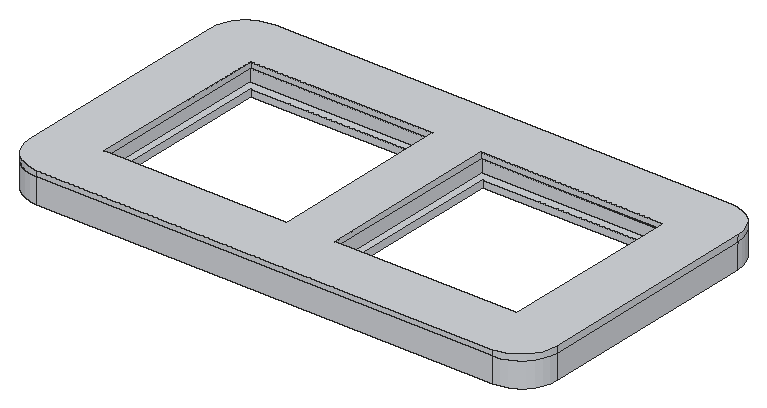
Revit family "Gira_0212417", category Electrical Fixtures, host Face, Revit 2017
Family settings
  Host = Face
  Maintain Annotation Orientation = No
  Round Connector Dimension = Use Diameter
  Part Type = Normal
  Cut with Voids When Loaded = No
  Shared = No
  Room Calculation Point = No
Parameters (values of type "Abdeckrahmen 2f Gira E3 Sand/Reinweiß")
  Werkstoffgüte = "sonstige"
  Werkstoff = "sonstige"
  URL = "http://katalog.gira.de/de_DE/datenblatt.html?artikelnr=0212417"
  Transparent = "No"
  Textfeld/Beschriftungsfläche = "No"
  Schutzart (IP) = "IP20"
  Region = "DE"
  Oberfläche = "sonstige"
  Name = "Abdeckrahmen 2f Gira E3 Sand/Reinweiß"
  Montagerichtung = "horizontal und vertikal"
  Mit Montagerahmen = "No"
  Mit Klappdeckel = "No"
  Manufacturer URL = "https://www.gira.de/"
  Keynote = "E3_Rahmen_2fach"
  HeinzeBIM = "https://bimportal.heinze.de/bim/abdeckrahmen-2f-gira-e3-sand-reinweiss/79fbe0c11e8f8adfc88dec1631baf0b73e940c21"
  Halogenfrei = "Yes"
  HAN = "0212417"
  Geeignet für Unterputz-Installation = "Yes"
  Geeignet für Unterflurkanaldose = "No"
  Geeignet für Geräteeinbaukanal = "No"
  Geeignet für Einbauinstallation = "No"
  GTIN = "4010337024521"
  Farbe = "sonstige"
  Default Elevation = 1219.2 mm
  Data sheet (1) = "https://katalog.gira.de/de_DE/download.html?artikelnr=0212417"
  Category = "Abdeckrahmen"
  Befestigungsart = "Klemmbefestigung"
  Available = "Yes"
  Anzahl der Einheiten vertikal = "2 "
  Anzahl der Einheiten horizontal = "2 "
  Anzahl der Einheiten = "2 "
Reference planes
  plane 1 "Center (Front/Back)": y = 0
  plane 2: z = 0
  plane 3 "Center (Left/Right)": x = 0
Forms (mm)
  Extrusion 1, solid, detail levels fine
    sketch origin (0, 0, 0) x (1, 0, 0) y (0, 1, 0)
      loop
        arc (-70.35, 45.809) -> (-78.134, 42.585) -> (-81.359, 34.8) r 11.009
        line (-81.359, 34.8) -> (-81.359, -34.8)
        arc (-81.359, -34.8) -> (-78.134, -42.585) -> (-70.35, -45.809) r 11.009
        line (-70.35, -45.809) -> (70.35, -45.809)
        arc (70.35, -45.809) -> (78.135, -42.585) -> (81.359, -34.8) r 11.009
        line (81.359, -34.8) -> (81.359, 34.8)
        arc (81.359, 34.8) -> (78.135, 42.585) -> (70.35, 45.809) r 11.009
        line (70.35, 45.809) -> (-70.35, 45.809)
      loop
        line (-7.45, 28.187) -> (-63.706, 28.187) -> (-63.706, -28.187) -> (-7.45, -28.187) -> (-7.45, 28.187)
      loop
        line (7.45, 28.187) -> (7.45, -28.187) -> (63.706, -28.187) -> (63.706, 28.187) -> (7.45, 28.187)
    from 7.65 to 9.5
  Extrusion 2, solid, detail levels fine
    sketch origin (-35.75, 0, 0) x (1, 0, 0) y (0, 1, 0)
      loop
        line (25.7, 25.7) -> (-25.7, 25.7) -> (-25.7, -25.7) -> (25.7, -25.7) -> (25.7, 25.7)
      loop
        line (-28.187, -28.156) -> (28.187, -28.156) -> (28.187, 28.156) -> (-28.187, 28.156) -> (-28.187, -28.156)
    from 1.65 to 3.9
  Extrusion 3, solid, detail levels fine
    sketch origin (0, 0, 0) x (1, 0, 0) y (0, 1, 0)
      loop
        arc (-70.35, 45.809) -> (-78.134, 42.585) -> (-81.359, 34.8) r 11.009
        line (-81.359, 34.8) -> (-81.359, -34.8)
        arc (-81.359, -34.8) -> (-78.134, -42.585) -> (-70.35, -45.809) r 11.009
        line (-70.35, -45.809) -> (70.35, -45.809)
        arc (70.35, -45.809) -> (78.135, -42.585) -> (81.359, -34.8) r 11.009
        line (81.359, -34.8) -> (81.359, 34.8)
        arc (81.359, 34.8) -> (78.135, 42.585) -> (70.35, 45.809) r 11.009
        line (70.35, 45.809) -> (-70.35, 45.809)
      loop
        line (-79.393, 34.785) -> (-79.393, -34.785)
        arc (-79.393, -34.785) -> (-76.739, -41.19) -> (-70.334, -43.843) r 9.058
        line (-70.334, -43.843) -> (70.335, -43.843)
        arc (70.335, -43.843) -> (76.74, -41.19) -> (79.393, -34.785) r 9.058
        line (79.393, -34.785) -> (79.393, 34.785)
        arc (79.393, 34.785) -> (76.74, 41.19) -> (70.335, 43.843) r 9.058
        line (70.335, 43.843) -> (-70.334, 43.843)
        arc (-70.334, 43.843) -> (-76.739, 41.19) -> (-79.393, 34.785) r 9.058
    from 0 to 7.65
  Extrusion 4, solid, detail levels fine
    sketch origin (0, 0, 0) x (1, 0, 0) y (0, 1, 0)
      loop
        line (-62.956, -31.075) -> (62.956, -31.075)
        arc (62.956, -31.075) -> (65.599, -29.98) -> (66.694, -27.337) r 3.739
        line (66.694, -27.337) -> (66.694, 27.337)
        arc (66.694, 27.337) -> (65.599, 29.98) -> (62.956, 31.075) r 3.739
        line (62.956, 31.075) -> (-62.956, 31.075)
        arc (-62.956, 31.075) -> (-65.599, 29.98) -> (-66.694, 27.337) r 3.739
        line (-66.694, 27.337) -> (-66.694, -27.337)
        arc (-66.694, -27.337) -> (-65.599, -29.98) -> (-62.956, -31.075) r 3.739
      loop
        line (-65.544, 27.537) -> (-65.544, -27.537)
        arc (-65.544, -27.537) -> (-64.845, -29.226) -> (-63.156, -29.925) r 2.389
        line (-63.156, -29.925) -> (63.156, -29.925)
        arc (63.156, -29.925) -> (64.845, -29.226) -> (65.544, -27.537) r 2.389
        line (65.544, -27.537) -> (65.544, 27.537)
        arc (65.544, 27.537) -> (64.845, 29.226) -> (63.156, 29.925) r 2.389
        line (63.156, 29.925) -> (-63.156, 29.925)
        arc (-63.156, 29.925) -> (-64.845, 29.226) -> (-65.544, 27.537) r 2.389
    from 1.65 to 7.65
  Extrusion 5, solid, detail levels fine
    sketch origin (0, 0, 0) x (1, 0, 0) y (0, 1, 0)
      loop
        line (-67.617, -39.8) -> (67.617, -39.8)
        arc (67.617, -39.8) -> (73.232, -36.708) -> (75.464, -30.7) r 9.2
        line (75.464, -30.7) -> (75.464, 30.7)
        arc (75.464, 30.7) -> (72.77, 37.205) -> (66.264, 39.9) r 9.2
        line (66.264, 39.9) -> (-66.264, 39.9)
        arc (-66.264, 39.9) -> (-72.77, 37.205) -> (-75.464, 30.7) r 9.2
        line (-75.464, 30.7) -> (-75.464, -30.7)
        arc (-75.464, -30.7) -> (-73.232, -36.708) -> (-67.617, -39.8) r 9.2
      loop
        line (-66.264, -31.7) -> (66.264, -31.7)
        arc (66.264, -31.7) -> (66.972, -31.407) -> (67.264, -30.7) r 1
        line (67.264, -30.7) -> (67.264, 30.7)
        arc (67.264, 30.7) -> (66.972, 31.407) -> (66.264, 31.7) r 1
        line (66.264, 31.7) -> (-66.264, 31.7)
        arc (-66.264, 31.7) -> (-66.972, 31.407) -> (-67.264, 30.7) r 1
        line (-67.264, 30.7) -> (-67.264, -30.7)
        arc (-67.264, -30.7) -> (-66.972, -31.407) -> (-66.264, -31.7) r 1
    from 1.65 to 3.9
  Extrusion 6, solid, detail levels fine
    sketch origin (-35.75, 0, 0) x (1, 0, 0) y (0, 1, 0)
      loop
        line (-28.187, 28.156) -> (-28.187, -28.156) -> (28.187, -28.156) -> (28.187, 28.156) -> (-28.187, 28.156)
      loop
        line (-29.925, 29.925) -> (-29.925, -29.925) -> (29.925, -29.925) -> (29.925, 29.925) -> (-29.925, 29.925)
    from 1.65 to 7.65
  Extrusion 7, solid, detail levels coarse+medium
    sketch origin (0, 0, 0) x (1, 0, 0) y (0, 1, 0)
      loop
        line (-81.359, 45.809) -> (-81.359, -45.809) -> (81.359, -45.809) -> (81.359, 45.809) -> (-81.359, 45.809)
    from 0 to 9.5
  Extrusion 8, solid, detail levels fine
    sketch origin (35.75, 0, 0) x (-1, 0, 0) y (0, -1, 0)
      loop
        line (25.7, -25.7) -> (25.7, 25.7) -> (-25.7, 25.7) -> (-25.7, -25.7) -> (25.7, -25.7)
      loop
        line (-28.187, 28.156) -> (-28.187, -28.156) -> (28.187, -28.156) -> (28.187, 28.156) -> (-28.187, 28.156)
    from 1.65 to 3.9
  Extrusion 9, solid, detail levels fine
    sketch origin (35.75, 0, 0) x (-1, 0, 0) y (0, -1, 0)
      loop
        line (-28.187, -28.156) -> (28.187, -28.156) -> (28.187, 28.156) -> (-28.187, 28.156) -> (-28.187, -28.156)
      loop
        line (-29.925, -29.925) -> (29.925, -29.925) -> (29.925, 29.925) -> (-29.925, 29.925) -> (-29.925, -29.925)
    from 1.65 to 7.65
Dimensions and locks
  aligned and locked: plane 2 to host face
  aligned and locked: level to host face
